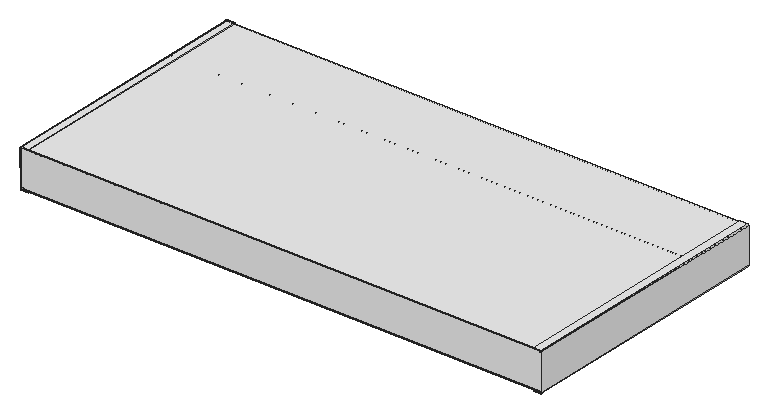
Revit family "LHBT", category Lighting Fixtures, host Ceiling, Revit 2019
Family settings
  Host = Ceiling
  Round Connector Dimension = Use Diameter
  Part Type = Normal
  OmniClass Number = 23.80.70.11.14.17
  OmniClass Title = Direct/Indirect
  Always vertical = Yes
  Cut with Voids When Loaded = No
  Light Source = Yes
  Shared = No
  Room Calculation Point = No
Parameters (values of type "LHBT2x4-LED840K300LUNV-P73")
  Lens Shown = yes
  Lens Not Shown = not(Lens Shown)  # no
  Width = 1' - 11 177/256"
  Wattage = 204.7 W
  built-in parameter 1150110 = 1 (stored number, unit not read)
  Voltage = 120 V  # constant formula
  URL = "https://www.viscor.com/en/products/lhbt"
  built-in parameter 1114217 = 0.9 (stored number, unit not read)
  Tilt Angle = 90.00°
  built-in parameter 1150109 = 1 (stored number, unit not read)
  built-in parameter 1150134 = 12
  built-in parameter 1150113 = 1 (stored number, unit not read)
  Photometric Web File = "LHBT2X4-LED840K300LUNV-P73.ies"
  Open Lens = none
  Model = "LHBT"  # constant formula
  Manufacturer = "VISIONEERING by VISCOR"  # constant formula
  Lumens = 26815.7 lm
  built-in parameter 1150115 = 1 (stored number, unit not read)
  built-in parameter 1150105 = 2133.9 (stored number, unit not read)
  built-in parameter 1150137 = (empty or 0)
  built-in parameter 1150139 = (empty or 0)
  Lens Finish = Polycarbonate - Viscor - White Translucent Lay-In Lens
  Length = 3' - 11 3/4"
  Lamp Wattage = 204.7 VA
  built-in parameter 1150112 = 1 (stored number, unit not read)
  built-in parameter 1150114 = 1 (stored number, unit not read)
  Lamp = "LED"  # constant formula
  built-in parameter 1150132 = (empty or 0)
  built-in parameter 1150102 = (empty or 0)
  built-in parameter 1150138 = (empty or 0)
  built-in parameter 1150107 = 4000 (stored number, unit not read)
  built-in parameter 1150106 = 21.339 (stored number, unit not read)
  Housing Finish = Metal - Viscor - White
  Height = 0' - 3 1/2"
  Emit from Rectangle Width = Width  # 1' - 11 177/256"
  Emit from Rectangle Length = Length  # 3' - 11 3/4"
  Emit Shape Visible in Rendering = no
  built-in parameter 1150104 = 12.17 (stored number, unit not read)
  Dimming Lamp Color Temperature Shift = <None>
  Description = "LED High Bay T-Bar Grid"  # constant formula
  Color Filter = 16777215
  built-in parameter 1114218 = 1 (stored number, unit not read)
  built-in parameter 1150133 = 10 (stored number, unit not read)
  Assembly Code = "D5020200"
  Apparent Load = Lamp Wattage  # 204.7 VA
Types (17): name | Lens Shown | Lens Not Shown | Wattage | Photometric Web File | Open Lens | Lumens | built-in parameter 1150105 | Lens Finish | Length | Lamp Wattage | built-in parameter 1150106 | Emit from Rectangle Length | built-in parameter 1150104 | Apparent Load
  (no name) | yes | no | 204.7 W | "LHBT2X4-LED840K300LUNV-P73.ies" | none | 26815.7 lm | 2133.9 (stored number, unit not read) | Polycarbonate - Viscor - White Translucent Lay-In Lens | 3' - 11 3/4" | 204.7 VA | 21.339 (stored number, unit not read) | 3' - 11 3/4" | 12.17 (stored number, unit not read) | 204.7 VA
  LHBT2x4-LED840K120LUNV-P73 | yes | no | 77.8 W | "LHBT2X4-LED840K120LUNV-P73.ies" | none | 11203.2 lm | 891.52 (stored number, unit not read) | Polycarbonate - Viscor - White Translucent Lay-In Lens | 3' - 11 3/4" | 77.8 VA | 8.9152 (stored number, unit not read) | 3' - 11 3/4" | 13.378 (stored number, unit not read) | 77.8 VA
  LHBT2x2-LED840K080LUNV-P73 | yes | no | 49.1 W | "LHBT2X2-LED840K080LUNV-P73.ies" | none | 6972.2 lm | 554.83 (stored number, unit not read) | Polycarbonate - Viscor - White Translucent Lay-In Lens | 1' - 11 3/4" | 49.1 VA | 5.5483 (stored number, unit not read) | 1' - 11 3/4" | 13.192 (stored number, unit not read) | 49.1 VA
  LHBT2x4-LED840K150LUNV-P73 | yes | no | 98.2 W | "LHBT2X4-LED840K150LUNV-P73.ies" | none | 13944.4 lm | 1109.7 (stored number, unit not read) | Polycarbonate - Viscor - White Translucent Lay-In Lens | 3' - 11 3/4" | 98.2 VA | 11.097 (stored number, unit not read) | 3' - 11 3/4" | 13.192 (stored number, unit not read) | 98.2 VA
  LHBT2x4-LED840K180LUNV-P73 | yes | no | 118.2 W | "LHBT2X4-LED840K180LUNV-P73.ies" | none | 16666.2 lm | 1326.3 (stored number, unit not read) | Polycarbonate - Viscor - White Translucent Lay-In Lens | 3' - 11 3/4" | 118.2 VA | 13.263 (stored number, unit not read) | 3' - 11 3/4" | 13.099 (stored number, unit not read) | 118.2 VA
  LHBT2x4-LED840K240LUNV-P73 | yes | no | 161.5 W | "LHBT2X4-LED840K240LUNV-P73.ies" | none | 21802.5 lm | 1735 (stored number, unit not read) | Polycarbonate - Viscor - White Translucent Lay-In Lens | 3' - 11 3/4" | 161.5 VA | 17.35 (stored number, unit not read) | 3' - 11 3/4" | 12.542 (stored number, unit not read) | 161.5 VA
  LHBT2x4-LED840K300LUNV-P73 | yes | no | 204.7 W | "LHBT2X4-LED840K300LUNV-P73.ies" | none | 26815.7 lm | 2133.9 (stored number, unit not read) | Polycarbonate - Viscor - White Translucent Lay-In Lens | 3' - 11 3/4" | 204.7 VA | 21.339 (stored number, unit not read) | 3' - 11 3/4" | 12.17 (stored number, unit not read) | 204.7 VA
  LHBT2x2-LED840K120LUNV-P73 | yes | no | 80.7 W | "LHBT2X2-LED840K120LUNV-P73.ies" | none | 10894.5 lm | 866.96 (stored number, unit not read) | Polycarbonate - Viscor - White Translucent Lay-In Lens | 1' - 11 3/4" | 80.7 VA | 8.6696 (stored number, unit not read) | 1' - 11 3/4" | 12.542 (stored number, unit not read) | 80.7 VA
  LHBT2x2-LED840K150LUNV-P73 | yes | no | 102.4 W | "LHBT2X2-LED840K150LUNV-P73.ies" | none | 13312 lm | 1059.3 (stored number, unit not read) | Polycarbonate - Viscor - White Translucent Lay-In Lens | 1' - 11 3/4" | 102.4 VA | 10.593 (stored number, unit not read) | 1' - 11 3/4" | 12.077 (stored number, unit not read) | 102.4 VA
  LHBT2X2-LED840K080LUNV | no | yes | 49.1 W | "LHBT2X2-LED840K080LUNV.ies" | No Lens | 7954.2 lm | 632.98 (stored number, unit not read) | none | 1' - 11 3/4" | 49.1 VA | 6.3298 (stored number, unit not read) | 1' - 11 3/4" | 15.05 (stored number, unit not read) | 49.1 VA
  LHBT2X2-LED840K120LUNV | no | yes | 80.7 W | "LHBT2X2-LED840K120LUNV.ies" | none | 12427.8 lm | 988.97 (stored number, unit not read) | none | 1' - 11 3/4" | 80.7 VA | 9.8897 (stored number, unit not read) | 1' - 11 3/4" | 14.307 (stored number, unit not read) | 80.7 VA
  LHBT2X2-LED840K150LUNV | no | yes | 102.4 W | "LHBT2X2-LED840K150LUNV.ies" | none | 15257.6 lm | 1214.2 (stored number, unit not read) | none | 1' - 11 3/4" | 102.4 VA | 12.142 (stored number, unit not read) | 1' - 11 3/4" | 13.843 (stored number, unit not read) | 102.4 VA
  LHBT2X4-LED840K120LUNV | no | yes | 77.8 W | "LHBT2X4-LED840K120LUNV.ies" | none | 12837 lm | 1021.5 (stored number, unit not read) | none | 3' - 11 3/4" | 77.8 VA | 10.215 (stored number, unit not read) | 3' - 11 3/4" | 15.329 (stored number, unit not read) | 77.8 VA
  LHBT2X4-LED840K150LUNV | no | yes | 98.2 W | "LHBT2X4-LED840K150LUNV.ies" | none | 15908.4 lm | 1266 (stored number, unit not read) | none | 3' - 11 3/4" | 98.2 VA | 12.66 (stored number, unit not read) | 3' - 11 3/4" | 15.05 (stored number, unit not read) | 98.2 VA
  LHBT2X4-LED840K180LUNV | no | yes | 118.2 W | "LHBT2X4-LED840K180LUNV.ies" | none | 19030.2 lm | 1514.4 (stored number, unit not read) | none | 3' - 11 3/4" | 118.2 VA | 15.144 (stored number, unit not read) | 3' - 11 3/4" | 14.957 (stored number, unit not read) | 118.2 VA
  LHBT2X4-LED840K240LUNV | no | yes | 161.5 W | "LHBT2X4-LED840K240LUNV.ies" | none | 24871 lm | 1979.2 (stored number, unit not read) | none | 3' - 11 3/4" | 161.5 VA | 19.792 (stored number, unit not read) | 3' - 11 3/4" | 14.307 (stored number, unit not read) | 161.5 VA
  LHBT2X4-LED840K300LUNV | no | yes | 204.7 W | "LHBT2X4-LED840K300LUNV.ies" | none | 30500.3 lm | 2427.1 (stored number, unit not read) | none | 3' - 11 3/4" | 204.7 VA | 24.271 (stored number, unit not read) | 3' - 11 3/4" | 13.843 (stored number, unit not read) | 204.7 VA
Reference planes (in)
  plane 1 "Light Source Axis (F/B)": y = 0
  plane 2 "Ceiling": z = 96
  plane 3 "Light Source Axis (L/R)": x = 0
  plane 4 "Light Source Elevation": z = 92.5
  plane 5: y = 11.8457
  plane 6: y = -11.8457
  plane 7: x = -23.875
  plane 8: x = 23.875
  plane 9: x = -23.84375
  plane 10: x = 23.84375
  plane 11: y = 11.81445
  plane 12: y = -11.81445
  plane 13: x = -23.5
  plane 14: x = 23.5
Forms (in)
  Extrusion 1, solid, material "Metal - Viscor - White" <- "Housing Finish"
    sketch origin (0, 0, 0) x (0, 1, 0) y (0, 0, 1)
      loop
        line (11.753, 95.97) -> (-11.753, 95.97)
        arc (-11.753, 95.97) -> (-11.79684, 95.95184) -> (-11.815, 95.908) r 0.062
        line (-11.815, 95.908) -> (-11.815, 92.602)
        arc (-11.815, 92.602) -> (-11.79684, 92.55816) -> (-11.753, 92.54) r 0.062
        line (-11.753, 92.54) -> (-11.065, 92.54) -> (-11.065, 92.57125) -> (-11.753, 92.57125)
        arc (-11.753, 92.57125) -> (-11.77474, 92.58026) -> (-11.78375, 92.602) r 0.03075
        line (-11.78375, 92.602) -> (-11.78375, 95.908)
        arc (-11.78375, 95.908) -> (-11.77474, 95.92974) -> (-11.753, 95.93875) r 0.03075
        line (-11.753, 95.93875) -> (11.753, 95.93875)
        arc (11.753, 95.93875) -> (11.77474, 95.92974) -> (11.78375, 95.908) r 0.03075
        line (11.78375, 95.908) -> (11.78375, 92.602)
        arc (11.78375, 92.602) -> (11.77474, 92.58026) -> (11.753, 92.57125) r 0.03075
        line (11.753, 92.57125) -> (11.065, 92.57125) -> (11.065, 92.54) -> (11.753, 92.54)
        arc (11.753, 92.54) -> (11.79684, 92.55816) -> (11.815, 92.602) r 0.062
        line (11.815, 92.602) -> (11.815, 95.908)
        arc (11.815, 95.908) -> (11.79684, 95.95184) -> (11.753, 95.97) r 0.062
    from -23.84375 to 23.84375
  Extrusion 2, solid, material "Metal - Viscor - White" <- "Housing Finish"
    sketch origin (0, 0, 0) x (0, 1, 0) y (0, 0, 1)
      loop
        arc (11.75457, 93.0001) -> (11.74543, 93.0325) -> (11.72072, 93.05534) r 0.062
        line (11.72072, 93.05534) -> (6.04552, 95.947) -> (5.29, 95.947) -> (5.29, 95.91575) -> (6.03802, 95.91575) -> (11.70653, 93.0275)
        arc (11.70653, 93.0275) -> (11.71879, 93.01617) -> (11.72332, 93.0001) r 0.03075
        line (11.72332, 93.0001) -> (11.72332, 92.574) -> (11.75457, 92.574) -> (11.75457, 93.0001)
    from -23.84375 to 23.84375
  Extrusion 3, solid, material "Metal - Viscor - White" <- "Housing Finish"
    sketch origin (0, 0, 0) x (0, -1, 0) y (0, 0, -1)
      loop
        line (11.75457, -93.0001) -> (11.75457, -92.574) -> (11.72332, -92.574) -> (11.72332, -93.0001)
        arc (11.72332, -93.0001) -> (11.71879, -93.01617) -> (11.70653, -93.0275) r 0.03075
        line (11.70653, -93.0275) -> (6.03802, -95.91575) -> (5.29, -95.91575) -> (5.29, -95.947) -> (6.04552, -95.947) -> (11.72072, -93.05534)
        arc (11.72072, -93.05534) -> (11.74543, -93.0325) -> (11.75457, -93.0001) r 0.062
    from -23.84375 to 23.84375
  Extrusion 4, solid, material "Metal - Viscor - White" <- "Housing Finish"
    sketch origin (0, 0, 0) x (1, 0, 0) y (0, 0, 1)
      loop
        line (-23.125, 96) -> (-23.806, 96)
        arc (-23.806, 96) -> (-23.85479, 95.97979) -> (-23.875, 95.931) r 0.069
        line (-23.875, 95.931) -> (-23.875, 92.569)
        arc (-23.875, 92.569) -> (-23.85479, 92.52021) -> (-23.806, 92.5) r 0.069
        line (-23.806, 92.5) -> (-23.125, 92.5) -> (-23.125, 92.53125) -> (-23.806, 92.53125)
        arc (-23.806, 92.53125) -> (-23.83269, 92.54231) -> (-23.84375, 92.569) r 0.03775
        line (-23.84375, 92.569) -> (-23.84375, 95.931)
        arc (-23.84375, 95.931) -> (-23.83269, 95.95769) -> (-23.806, 95.96875) r 0.03775
        line (-23.806, 95.96875) -> (-23.125, 95.96875) -> (-23.125, 96)
    from -11.81445 to 11.81445
  Extrusion 5, solid, material "Metal - Viscor - White" <- "Housing Finish"
    sketch origin (0, 0, 0) x (-1, 0, 0) y (0, 0, -1)
      loop
        line (-23.125, -96) -> (-23.125, -95.96875) -> (-23.806, -95.96875)
        arc (-23.806, -95.96875) -> (-23.83269, -95.95769) -> (-23.84375, -95.931) r 0.03775
        line (-23.84375, -95.931) -> (-23.84375, -92.569)
        arc (-23.84375, -92.569) -> (-23.83269, -92.54231) -> (-23.806, -92.53125) r 0.03775
        line (-23.806, -92.53125) -> (-23.125, -92.53125) -> (-23.125, -92.5) -> (-23.806, -92.5)
        arc (-23.806, -92.5) -> (-23.85479, -92.52021) -> (-23.875, -92.569) r 0.069
        line (-23.875, -92.569) -> (-23.875, -95.931)
        arc (-23.875, -95.931) -> (-23.85479, -95.97979) -> (-23.806, -96) r 0.069
        line (-23.806, -96) -> (-23.125, -96)
    from -11.81445 to 11.81445
  Extrusion 6, solid, material "Polycarbonate - Viscor - White Translucent Lay-In Lens" <- "Lens Finish", visible <- "Lens Not Shown"
    sketch origin (0, 0, 0) x (0, 1, 0) y (0, 0, 1)
      loop
        line (11.625, 92.57125) -> (11.625, 92.62211) -> (-11.625, 92.62211) -> (-11.625, 92.57125) -> (11.625, 92.57125)
    from -23.5 to 23.5
Dimensions and locks (in)
  equal spacing: host sketch curve, plane 3 "Light Source Axis (L/R)", host sketch curve
  equal spacing: host sketch curve, plane 1 "Light Source Axis (F/B)", host sketch curve
  host sketch curve to host sketch curve = 10' - 0"  (x2)
  equal spacing: plane 7, plane 3 "Light Source Axis (L/R)", plane 8
  equal spacing: plane 5, plane 1 "Light Source Axis (F/B)", plane 6
  locked: plane 10 to plane 8 at 0.03125
  "Length": plane 7 to plane 8
  "Width": plane 5 to plane 6
  plane 7 to plane 9 = 0' - 0 1/32"
  plane 6 to plane 1 "Light Source Axis (F/B)" = 0' - 11.8457"
  locked: plane 11 to plane 5 at 0.03125
  plane 6 to plane 12 to Extrusion 1 = 0' - 0 1/32" locked, 1' - 10.87945"
  locked: plane 7 to plane 13 at 0.375
  locked: plane 14 to plane 8 at 0.375
  aligned and locked: plane 3 "Light Source Axis (L/R)" to imposter light
  aligned and locked: plane 1 "Light Source Axis (F/B)" to imposter light
  aligned and locked: plane 4 "Light Source Elevation" to imposter light
  aligned and locked: Extrusion 1 to plane 9
  aligned and locked: plane 10 to Extrusion 1
  aligned and locked: Extrusion 2 to plane 9
  aligned and locked: plane 10 to Extrusion 2
  aligned and locked: Extrusion 3 to plane 9
  aligned and locked: plane 10 to Extrusion 3
  aligned and locked: Extrusion 4 to plane 11
  aligned and locked: plane 12 to Extrusion 4
  aligned and locked: Extrusion 5 to plane 11
  aligned and locked: plane 12 to Extrusion 5
  aligned and locked: Extrusion 6 to plane 13
  aligned and locked: Extrusion 6 to plane 14
Automatic sketch dimensions
  Extrusion 1 sketch curve to Extrusion 1 sketch curve = 0' - 0"  (x8)
  Extrusion 1 sketch curve to plane 12 = 0' - 0.00055"
  plane 12 to Extrusion 1 sketch curve = 0' - 0.0307"
  Extrusion 1 sketch curve to Extrusion 1 sketch curve = 0' - 0.03075"
  Extrusion 1 sketch curve to plane 4 "Light Source Elevation" = 0' - 0.04"  (x2)
  plane 12 to Extrusion 1 sketch curve = 0' - 0.06145"
  Extrusion 1 sketch curve to Extrusion 1 sketch curve = 0' - 0.688"
  Extrusion 1 sketch curve to plane 11 = 0' - 0.74945"
  Extrusion 1 sketch curve to plane 11 = 0' - 0.06145"  (x2)
  Extrusion 1 sketch curve to plane 11 = 0' - 0.0307"
  Extrusion 1 sketch curve to plane 2 "Ceiling" = 0' - 0.092"
  Extrusion 2 sketch curve to Extrusion 2 sketch curve = 0' - 0"  (x2)
  Extrusion 2 sketch curve to plane 2 "Ceiling" = 0' - 0.053"
  Extrusion 2 sketch curve to plane 1 "Light Source Axis (F/B)" = 0' - 5.29"
  Extrusion 2 sketch curve to plane 2 "Ceiling" = 0' - 0.08425"
  Extrusion 2 sketch curve to Extrusion 2 sketch curve = 0' - 0.74802"
  Extrusion 2 sketch curve to Extrusion 2 sketch curve = 0' - 0.0075"
  Extrusion 2 sketch curve to plane 11 = 0' - 0.12188"
  Extrusion 2 sketch curve to Extrusion 2 sketch curve = 0' - 0.01396"
  Extrusion 2 sketch curve to Extrusion 2 sketch curve = 0' - 0.01419"
  Extrusion 2 sketch curve to plane 11 = 0' - 0.09113"
  Extrusion 2 sketch curve to Extrusion 2 sketch curve = 0' - 0 1/32"
  Extrusion 2 sketch curve to plane 4 "Light Source Elevation" = 0' - 0.55534"
  Extrusion 2 sketch curve to plane 4 "Light Source Elevation" = 0' - 0.074"
  Extrusion 3 sketch curve to Extrusion 3 sketch curve = 0' - 0"  (x2)
  plane 2 "Ceiling" to Extrusion 3 sketch curve = 0' - 0.053"
  Extrusion 3 sketch curve to plane 1 "Light Source Axis (F/B)" = 0' - 5.29"
  plane 2 "Ceiling" to Extrusion 3 sketch curve = 0' - 0.08425"
  Extrusion 3 sketch curve to Extrusion 3 sketch curve = 0' - 0.74802"
  Extrusion 3 sketch curve to Extrusion 3 sketch curve = 0' - 0.0075"
  Extrusion 3 sketch curve to plane 12 = 0' - 0.12188"
  Extrusion 3 sketch curve to Extrusion 3 sketch curve = 0' - 0.01396"
  Extrusion 3 sketch curve to Extrusion 3 sketch curve = 0' - 0.01419"
  Extrusion 3 sketch curve to plane 12 = 0' - 0.09113"
  Extrusion 3 sketch curve to Extrusion 3 sketch curve = 0' - 0 1/32"
  plane 4 "Light Source Elevation" to Extrusion 3 sketch curve = 0' - 0.55534"
  plane 4 "Light Source Elevation" to Extrusion 3 sketch curve = 0' - 0.074"
  Extrusion 4 sketch curve to Extrusion 4 sketch curve = 0' - 0"  (x4)
  Extrusion 4 sketch curve to plane 7 = 0' - 0"
  Extrusion 4 sketch curve to plane 9 = 0' - 0"
  Extrusion 4 sketch curve to plane 4 "Light Source Elevation" = 0' - 0"
  Extrusion 4 sketch curve to plane 2 "Ceiling" = 0' - 0"
  Extrusion 4 sketch curve to Extrusion 4 sketch curve = 0' - 0.03775"
  plane 9 to Extrusion 4 sketch curve = 0' - 0.03775"
  Extrusion 4 sketch curve to Extrusion 4 sketch curve = 0' - 0.681"  (x2)
  Extrusion 5 sketch curve to Extrusion 5 sketch curve = 0' - 0"  (x4)
  Extrusion 5 sketch curve to plane 8 = 0' - 0"
  Extrusion 5 sketch curve to plane 10 = 0' - 0"
  Extrusion 5 sketch curve to plane 4 "Light Source Elevation" = 0' - 0"
  Extrusion 5 sketch curve to plane 2 "Ceiling" = 0' - 0"
  Extrusion 5 sketch curve to Extrusion 5 sketch curve = 0' - 0.03775"
  plane 10 to Extrusion 5 sketch curve = 0' - 0.03775"
  Extrusion 5 sketch curve to Extrusion 5 sketch curve = 0' - 0.681"  (x2)
  Extrusion 6 sketch curve to plane 4 "Light Source Elevation" = 0' - 0.07125"
  plane 12 to Extrusion 6 sketch curve = 0' - 0.18945"
  Extrusion 6 sketch curve to plane 11 = 0' - 0.18945"
  Extrusion 6 sketch curve to Extrusion 6 sketch curve = 0' - 0.05086"
Connectors (in)
  electrical at (0, 0, 92.5), driven by "Voltage", driven by "Lamp Wattage"
    settings: index 2, voltage 120 V, apparent load 0 VA, apparent load phase1 204.7 VA, apparent load phase2 0 VA, apparent load phase3 0 VA, power factor 1, load classification "Other", number of poles 1, system type 31, power factor state 1, is connector primary yes, connector utility no, sub classification motor no, connector description ""
